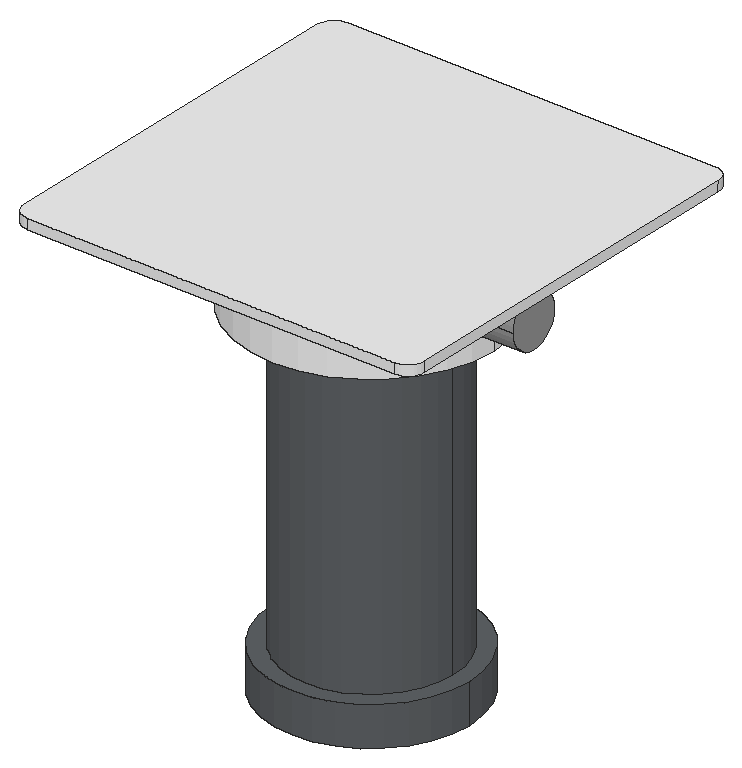
Revit family "KEUCO_59541000070_", category Generic Models, Revit 2016
Family settings
  Part Type = Normal
  Can host rebar = No
  Round Connector Dimension = Use Diameter
  Work Plane-Based = Yes
  Always vertical = No
  Cut with Voids When Loaded = No
  Shared = No
  Room Calculation Point = No
Parameters (values of type "59541000070")
  Verwendung = "GWC / WP"  # constant formula
  Preisgruppe = ""
  Kategorie = "ARM"
  Gewicht = 0
  Breite = 45 mm
  URL = "https://www.keuco.com/de/produkte/sortiment/artikel/?pid=59541&oid=10&pgo=9&country=de&lang=de&vid=59541000070"
  Materialien bei Hersteller anfragen = "Anfrage zu:  objektmanagement@keuco.de"
  Description = "Grundkörper für Wandeinbau,\r\nEinbautiefe 80 - 110 mm"
  Default Elevation = 1219.2 mm
  Serie = "Plan"  # constant formula
  Material = Stahl, verchromt
  Manufacturer = "KEUCO"  # constant formula
  Assembly Code = ""
  Ausschreibungstext = "KEUCO IXMO UP Funktionseinheit \r\nfür Absperrventil DN15, 59541000070\r\nschallentkoppelter Grundkörper aus\r\nentzinkungsarmen Messing für den Wandeinbau,\r\nfrei positionierbar, Einbautiefe von 80 mm – 110 mm,\r\nGrundplatte mit Einstellschrauben \r\nzur optimalen Ausrichtung,\r\nAnschlüsse G 1/2 Zoll mit farblicher Kennzeichnung,\r\nHinweis: passend zu Artikel-Nr. \r\n59541010001, 59541010002\r\n59541011001, 59541011002"
  Artikelnummer = "59541000070"
Reference planes
  plane 1 "Center (Front/Back)": y = 0
  plane 2: z = 0
  plane 3 "Center (Left/Right)": x = 0
Forms (mm)
  Extrusion 1, solid, material "Stahl, verchromt" <- "Material"
    sketch origin (0, 16.5, -23) x (1, 0, 0) y (0, 1, 0)
      loop
        circle (0.019, -16.484) r 37.5
    from -7 to 20
  Extrusion 2, solid, material "Stahl, verchromt" <- "Material"
    sketch origin (0, 16.5, 0) x (0, 1, 0) y (-1, 0, 0)
      loop
        arc (44.5, 56) -> (43.036, 59.536) -> (39.5, 61) r 5
        line (39.5, 61) -> (-72.5, 61)
        arc (-72.5, 61) -> (-76.036, 59.536) -> (-77.5, 56) r 5
        line (-77.5, 56) -> (-77.5, -56)
        arc (-77.5, -56) -> (-76.036, -59.536) -> (-72.5, -61) r 5
        line (-72.5, -61) -> (39.5, -61)
        arc (39.5, -61) -> (43.036, -59.536) -> (44.5, -56) r 5
        line (44.5, -56) -> (44.5, 56)
    from 0 to -3
  Extrusion 3, solid, material "Schwarzgrau"
    sketch origin (0, 16.5, -145) x (0, 1, 0) y (-1, 0, 0)
      loop
        circle (-16.5, 0) r 25
    from 21.987 to 115
  Extrusion 4, solid, material "Brass, Soft Yellow, Welded"
    sketch origin (10.617, -0.559, -32.959) x (0, 1, 0) y (0, 0, 1)
      loop
        circle (0, 15.638) r 7.801
    from 25.751 to 39.383
  Extrusion 5, solid, material "Schwarzgrau"
    sketch origin (0, 16.5, -170) x (0, 1, 0) y (-1, 0, 0)
      loop
        circle (-16.5, 0) r 30
    from 46.987 to 35
  Extrusion 6, solid, material "Brass, Soft Yellow, Welded"
    sketch origin (-10.617, -0.559, -32.959) x (0, 1, 0) y (0, 0, -1)
      loop
        circle (0, -15.638) r 7.801
    from 25.751 to 39.383
Dimensions and locks
  Extrusion 1 to Extrusion 1 = 27 mm
  aligned and locked: level to plane 2
